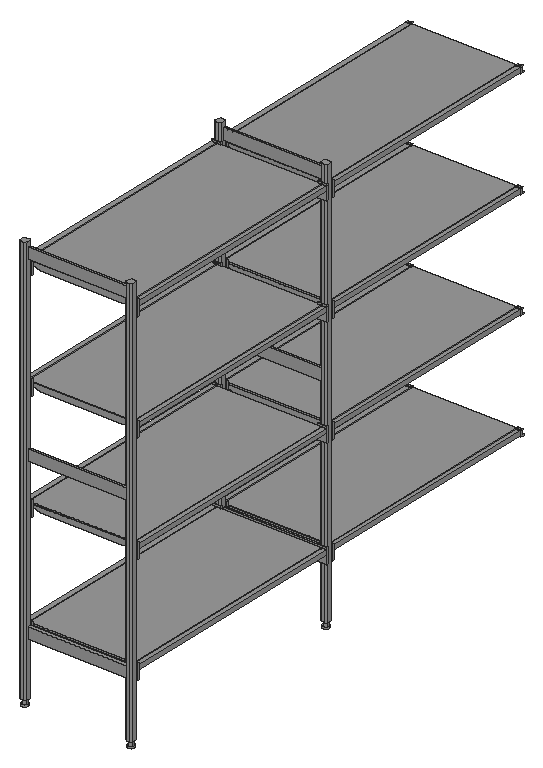
Revit family "QF_ELECTROLUXPROFESSIONAL_137084_CLS2016", category Attrezzature speciali, Revit 2020 (continued)
Definition of nested family "WT_Aggancio475"
  Dimensions and locks
    equal spacing: plane 7, plane 6 "Center (Front/Back)", plane 8
    equal spacing: plane 3 "BACK", plane 6 "Center (Front/Back)", plane 4 "FRONT"
    plane 9 "FEET" to level = 25.0 mm
    plane 5 "TOP" to plane 9 "FEET" = 1700.0 mm
    plane 10 to plane 9 "FEET" = 250.0 mm
    plane 11 to plane 10 = 450.0 mm
    plane 12 to plane 11 = 450.0 mm
    plane 13 to plane 12 = 450.0 mm
    locked: plane 3 "BACK" to plane 15 "CYBack" at 17.5
    locked: plane 16 "CYFront" to plane 4 "FRONT" at 17.5
    aligned and locked: level to plane 1
    aligned and locked: Extrusion 1 sketch curve to Extrusion 1 sketch curve  (x3)
  Automatic sketch dimensions
    plane 16 "CYFront" to Extrusion 1 sketch curve = 1.478 mm  (x4)
    Extrusion 1 sketch curve to Extrusion 1 sketch curve = 2.0 mm
    plane 8 to Extrusion 1 sketch curve = 3.478 mm  (x4)
    Extrusion 1 sketch curve to plane 10 = 4.006 mm
    Extrusion 1 sketch curve to Extrusion 1 sketch curve = 34.0 mm  (x4)
    Extrusion 1 sketch curve to plane 11 = 4.006 mm
    Extrusion 1 sketch curve to plane 12 = 4.006 mm
    Extrusion 1 sketch curve to plane 13 = 4.006 mm
    Extrusion 1 sketch curve to plane 7 = 37.522 mm  (x4)
    Extrusion 1 sketch curve to plane 7 = 3.522 mm  (x4)
    plane 14 to Extrusion 1 sketch curve = 3.516 mm  (x4)
    plane 14 to Extrusion 1 sketch curve = 1.522 mm  (x4)
    plane 10 to Extrusion 1 sketch curve = 7.998 mm  (x2)
    Extrusion 1 sketch curve to Extrusion 1 sketch curve = 11.498 mm  (x4)
    Extrusion 1 sketch curve to Extrusion 1 sketch curve = 6.499 mm  (x8)
    plane 11 to Extrusion 1 sketch curve = 7.998 mm  (x2)
    plane 12 to Extrusion 1 sketch curve = 7.998 mm  (x2)
    plane 13 to Extrusion 1 sketch curve = 7.998 mm  (x2)
    plane 2 "LEFT" to Extrusion 2 sketch curve = 0.0 mm  (x4)
    plane 13 to Extrusion 2 sketch curve = 7.996 mm
    plane 11 to Extrusion 2 sketch curve = 7.996 mm
    Extrusion 2 sketch curve to Extrusion 2 sketch curve = 5.0 mm  (x4)
    plane 11 to Extrusion 2 sketch curve = 2.494 mm
    plane 10 to Extrusion 2 sketch curve = 28.996 mm
    Extrusion 2 sketch curve to Extrusion 2 sketch curve = 3.0 mm  (x4)
    plane 10 to Extrusion 2 sketch curve = 7.996 mm
    plane 10 to Extrusion 2 sketch curve = 2.494 mm
    Extrusion 2 sketch curve to Extrusion 2 sketch curve = 18.0 mm  (x3)
    plane 12 to Extrusion 2 sketch curve = 2.494 mm
    plane 12 to Extrusion 2 sketch curve = 7.996 mm
    plane 13 to Extrusion 2 sketch curve = 2.494 mm
    plane 2 "LEFT" to Extrusion 3 sketch curve = 0.0 mm  (x4)
    plane 13 to Extrusion 3 sketch curve = 7.996 mm
    plane 11 to Extrusion 3 sketch curve = 7.996 mm
    Extrusion 3 sketch curve to Extrusion 3 sketch curve = 5.0 mm  (x4)
    plane 11 to Extrusion 3 sketch curve = 2.494 mm
    plane 10 to Extrusion 3 sketch curve = 28.996 mm
    Extrusion 3 sketch curve to Extrusion 3 sketch curve = 3.0 mm  (x4)
    plane 10 to Extrusion 3 sketch curve = 7.996 mm
    plane 10 to Extrusion 3 sketch curve = 2.494 mm
    Extrusion 3 sketch curve to Extrusion 3 sketch curve = 18.0 mm  (x3)
    plane 12 to Extrusion 3 sketch curve = 2.494 mm
    plane 12 to Extrusion 3 sketch curve = 7.996 mm
    plane 13 to Extrusion 3 sketch curve = 2.494 mm
    plane 2 "LEFT" to curve 1 = 5.0 mm
    plane 2 "LEFT" to curve 7 = 5.0 mm
    curve 1 to plane 16 "CYFront" = 17.5 mm
    curve 3 to plane 8 = 12.522 mm
    plane 7 to curve 5 = 12.478 mm
    curve 7 to plane 14 = 17.5 mm
    curve 5 to curve 5 = 4.0 mm
    curve 1 to curve 4 = 4.0 mm
    Extrusion 2 sketch curve to Extrusion 2 sketch curve = 4.0 mm  (x4)
    Extrusion 2 sketch curve to Extrusion 2 sketch curve = 8.969 mm  (x4)
    Extrusion 3 sketch curve to Extrusion 3 sketch curve = 4.0 mm  (x4)
    Extrusion 3 sketch curve to Extrusion 3 sketch curve = 8.969 mm  (x4)
